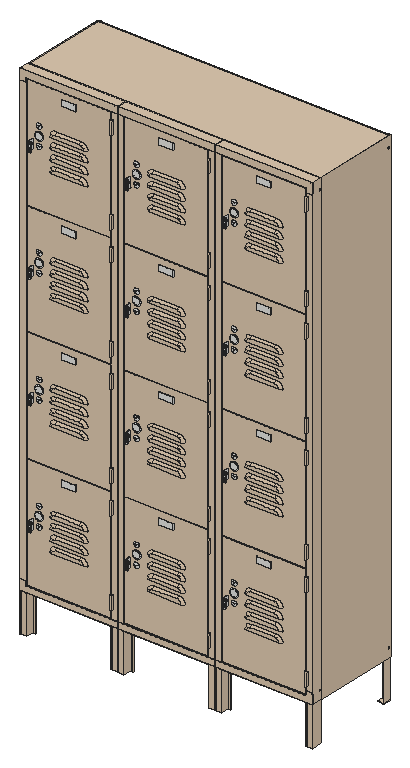
Revit family "Metal_Lockers-Salsbury_Industries-54000_Series-3_Wide_Units", category Specialty Equipment, Revit 2016 (continued)
Definition of nested family "Metal Locker Zee Base-Left Side"
  Parameters (values of type "77572 Left - 12" D")
    Type Comments = "Zee Base Kit for Standard Metal Lockers - No Legs"
    Model = "77572"
    MasterFormat Title = ""
    MasterFormat Number = ""
    Manufacturer = "Salsbury Industries"
    Description = "4\" H x 6' L - for 12\" Deep Lockers (Includes 6 Foot Front Base, 2 End Bases, Corner Splicer and 4 Rear Legs)"
    Width = 4.000"
    Height = 4.000"
    Assembly Code = ""
  Types (4): name | Visible | Depth | Type Comments | Model | Description
    77572 Left - 12" D | yes | 10.362" | "Zee Base Kit for Standard Metal Lockers - No Legs" | "77572" | "4\" H x 6' L - for 12\" Deep Lockers (Includes 6 Foot Front Base, 2 End Bases, Corner Splicer and 4 Rear Legs)"
    77575 Left - 15" D | yes | 13.362" | "Zee Base Kit for Standard Metal Lockers - No Legs" | "77575" | "4\" H x 6' L - for 12\" Deep Lockers (Includes 6 Foot Front Base, 2 End Bases, Corner Splicer and 4 Rear Legs)"
    77578 Left- 18" D | yes | 16.362" | "Zee Base Kit for Standard Metal Lockers - No Legs" | "77578" | "4\" H x 6' L - for 12\" Deep Lockers (Includes 6 Foot Front Base, 2 End Bases, Corner Splicer and 4 Rear Legs)"
    None | no | 10.362" | "End Base for Standard Metal Lockers" | "" | ""
  Reference planes (in)
    plane 1 "Center (Front/Back)": y = 0
    plane 2: z = 0
    plane 3 "Center (Left/Right)": x = 3.99
    plane 4 "Floor": z = 0
    plane 5 "Top of Enclosure": z = 4
    plane 6 "Right Side of Unit": x = 5.99
    plane 7 "Left Edge of Enclosure": y = -5.181
    plane 8 "Right Edge of Enclosure": y = 5.181
    plane 9 "Bottom Edge of Enclosure": z = 0.06
    plane 10 "Left Edge of Base": x = 1.99
    plane 11 "Right Edge of Inser": x = 3.21
  Forms (in)
    Extrusion 1, solid, material <- "Primary Structure Material", visible <- "Visible"
      sketch origin (7.98, 0, 0) x (0, -1, 0) y (1, 0, 0)
        loop
          line (-5.181, -1.99) -> (-5.181, -5.99) -> (5.181, -5.99) -> (5.181, -1.99) -> (5.121, -1.99) -> (5.121, -5.93) -> (-5.121, -5.93) -> (-5.121, -1.99) -> (-5.181, -1.99)
      from 0.06 to 4
    Extrusion 2, solid, material <- "Primary Structure Material", visible <- "Visible"
      sketch origin (1.99, 0, 0) x (0, 0, -1) y (0, 1, 0)
        loop
          line (-4, -3.93967) -> (-3.94, -3.93967) -> (-3.94, 3.931) -> (-4, 3.931) -> (-4, -3.93967)
      from 0.06 to 1.22
  Dimensions and locks (in)
    "Height": plane 5 "Top of Enclosure" to plane 4 "Floor"
    equal spacing: plane 7 "Left Edge of Enclosure", plane 1 "Center (Front/Back)", plane 8 "Right Edge of Enclosure"
    "Depth": plane 7 "Left Edge of Enclosure" to plane 8 "Right Edge of Enclosure"
    "Width": plane 10 "Left Edge of Base" to plane 6 "Right Side of Unit"
    equal spacing: plane 10 "Left Edge of Base", plane 3 "Center (Left/Right)", plane 6 "Right Side of Unit"
    locked: plane 4 "Floor" to plane 9 "Bottom Edge of Enclosure" at 0.06
    aligned and locked: level to plane 2
    aligned and locked: plane 10 "Left Edge of Base" to Extrusion 1
  Automatic sketch dimensions
    plane 8 "Right Edge of Enclosure" to Extrusion 1 sketch curve = 0.000"
    Extrusion 1 sketch curve to plane 6 "Right Side of Unit" = 0.000"  (x2)
    plane 7 "Left Edge of Enclosure" to Extrusion 1 sketch curve = 0.000"
    Extrusion 1 sketch curve to plane 10 "Left Edge of Base" = 0.000"
    Extrusion 1 sketch curve to Extrusion 1 sketch curve = 0.060"
    plane 7 "Left Edge of Enclosure" to Extrusion 1 sketch curve = 0.060"
    plane 10 "Left Edge of Base" to Extrusion 1 sketch curve = 0.060"
    plane 5 "Top of Enclosure" to Extrusion 2 sketch curve = 0.000"
    Extrusion 2 sketch curve to Extrusion 2 sketch curve = 0.060"
    Extrusion 2 sketch curve to plane 7 "Left Edge of Enclosure" = 1.24133"
    plane 8 "Right Edge of Enclosure" to Extrusion 2 sketch curve = 1.250"
Definition of nested family "Metal Locker Zee Base Corner"
  Parameters (values of type "77572, 77575, 77578")
    Width = 2.000"
    Visible = yes
    Version = "1.0 (11/30/15)"
    Type Comments = "Zee Base Kit for Standard Metal Lockers - No Legs"
    Primary Structure Material = none
    Model = "n/a"
    Manufacturer = "Salsbury Industries"
    Height = 3.940"
    Description = "4\" H x 6' L - for 12\" Deep Lockers (Includes 6 Foot Front Base, 2 End Bases, Corner Splicer and 4 Rear Legs)"
    Depth = 2.000"
  Types (2): name | Visible
    77572, 77575, 77578 | yes
    None | no
  Reference planes (in)
    plane 1 "Center (Front/Back)": y = 0
    plane 2 "Bottom of Component": z = 0
    plane 3 "Center (Left/Right)": x = 0
    plane 4: z = 3.94
    plane 5: x = -1
    plane 6: x = 1
    plane 7 "Front": y = -1
    plane 8 "Back": y = 1
  Forms (in)
    Extrusion 1, solid, material <- "Primary Structure Material", visible <- "Visible"
      sketch origin (0, 0, 0) x (1, 0, 0) y (0, 1, 0)
        loop
          line (-1, 1) -> (-1, 0.94) -> (0.94, 0.94) -> (0.94, -1) -> (1, -1) -> (1, 1) -> (-1, 1)
      from 0 to 3.94
  Dimensions and locks (in)
    "Height": plane 4 to plane 2 "Bottom of Component"
    equal spacing: plane 5, plane 3 "Center (Left/Right)", plane 6
    "Width": plane 5 to plane 6
    equal spacing: plane 7 "Front", plane 1 "Center (Front/Back)", plane 8 "Back"
    "Depth": plane 7 "Front" to plane 8 "Back"
    aligned and locked: plane 2 "Bottom of Component" to level
  Automatic sketch dimensions
    Extrusion 1 sketch curve to plane 5 = 0.000"
    plane 7 "Front" to Extrusion 1 sketch curve = 0.000"
    Extrusion 1 sketch curve to plane 6 = 0.000"
    plane 8 "Back" to Extrusion 1 sketch curve = 0.000"
    plane 6 to Extrusion 1 sketch curve = 0.060"
    Extrusion 1 sketch curve to Extrusion 1 sketch curve = 0.060"
Definition of nested family "Metal Locker End Panel"
  Parameters (values of type "77362 - for 6' H x 12" D Lockers")
    Width = 0.925"
    Visible = yes
    Version = "1.0 (11/30/15)"
    Type Comments = "Finished End Panel for Standard Metal Lockers"
    Primary Structure Material = none
    Model = "77362"
    MasterFormat Title = ""
    MasterFormat Number = ""
    Manufacturer = "Salsbury Industries"
    Height = 72.000"
    Description = "End Panel for 6' H x 12\" Deep Lockers"
    Depth = 12.010"
    Assembly Code = ""
  Types (7): name | Visible | Model | Height | Description | Depth
    77362 - for 6' H x 12" D Lockers | yes | "77362" | 72.000" | "End Panel for 6' H x 12\" Deep Lockers" | 12.010"
    77365 - for 6' H x 15" D Lockers | yes | "77365" | 72.000" | "End Panel for 6' H x 15\" Deep Lockers" | 15.010"
    77368 - for 6' H X 18" D Lockers | yes | "77368" | 72.000" | "End Panel for 6' H x 18\" Deep Lockers" | 18.010"
    77352 - for 5' H x 12" D Lockers | yes | "77352" | 60.000" | "End Panel for 5' H x 12\" Deep Lockers" | 12.010"
    77355 - for 5' H x 15" D Lockers | yes | "77355" | 60.000" | "End Panel for 5' H x 15\" Deep Lockers" | 15.010"
    77358 - for 5' H x 18" D Lockers | yes | "77358" | 60.000" | "End Panel for 5' H x 18\" Deep Lockers" | 18.010"
    None | no | "n/a" | 72.000" | "" | 12.010"
  Reference planes (in)
    plane 1 "Center (Front/Back)": y = -2.167
    plane 2: z = 0
    plane 3 "Center (Left/Right)": x = -4.595
    plane 4 "Bottom of Panel": z = 0
    plane 5 "Top of Panel": z = 72
    plane 6 "Front of Panel": y = -8.172
    plane 7 "Right Side of Enclosure": x = -4.1325
    plane 8 "Left Side of Enclosure": x = -5.0575
    plane 9 "Back of Panel": y = 3.838
    plane 10: z = 36
    plane 11: z = 70.283
    plane 12: z = 1.717
    plane 13 "Outside Edge of Front Flap": y = -8.23214
    plane 14 "Outside Edge of Back Flap": y = 3.898
  Forms (in)
    Extrusion 1, solid, material <- "Primary Structure Material", visible <- "Visible"
      sketch origin (-4.1325, 0.48244, 0) x (0, 0, -1) y (0, -1, 0)
        loop
          line (-72, 8.71458) -> (-72, -3.41556) -> (0, -3.41556) -> (0, 8.71458) -> (-72, 8.71458)
      from 0 to -0.06
    Extrusion 2, solid, material <- "Primary Structure Material", visible <- "Visible"
      sketch origin (0, 3.838, 0) x (0, 0, -1) y (1, 0, 0)
        loop
          line (-72, -5.0575) -> (0, -5.0575) -> (0, -4.1325) -> (-72, -4.1325) -> (-72, -5.0575)
      from 0 to -0.06
    Extrusion 3, solid, material <- "Primary Structure Material", visible <- "Visible"
      sketch origin (0, -8.172, 0) x (1, 0, 0) y (0, 0, 1)
        loop
          line (-5.0575, 70.283) -> (-5.0575, 1.717) -> (-4.1325, 1.717) -> (-4.1325, 70.283) -> (-5.0575, 70.283)
      from 0.06014 to 0
  Dimensions and locks (in)
    equal spacing: plane 6 "Front of Panel", plane 1 "Center (Front/Back)", plane 9 "Back of Panel"
    "Depth": plane 6 "Front of Panel" to plane 9 "Back of Panel"
    equal spacing: plane 8 "Left Side of Enclosure", plane 3 "Center (Left/Right)", plane 7 "Right Side of Enclosure"
    "Width": plane 8 "Left Side of Enclosure" to plane 7 "Right Side of Enclosure"
    equal spacing: plane 5 "Top of Panel", plane 10, plane 2
    "Height": plane 5 "Top of Panel" to plane 2
    locked: plane 5 "Top of Panel" to plane 11 at 1.717
    locked: plane 13 "Outside Edge of Front Flap" to plane 6 "Front of Panel" at 0.06014
    locked: plane 9 "Back of Panel" to plane 14 "Outside Edge of Back Flap" at 0.06
    aligned and locked: level to plane 2
    aligned and locked: plane 5 "Top of Panel" to Extrusion 1 sketch curve
    aligned and locked: plane 5 "Top of Panel" to Extrusion 2 sketch curve
    aligned and locked: Extrusion 2 to plane 9 "Back of Panel"
    aligned and locked: plane 11 to Extrusion 3 sketch curve
    aligned and locked: plane 6 "Front of Panel" to Extrusion 3
    aligned and locked: plane 14 "Outside Edge of Back Flap" to Extrusion 2
    aligned and locked: Extrusion 1 to plane 14 "Outside Edge of Back Flap"
    aligned and locked: plane 13 "Outside Edge of Front Flap" to Extrusion 3
    aligned and locked: Extrusion 2 to plane 7 "Right Side of Enclosure"
    aligned and locked: Extrusion 3 to plane 7 "Right Side of Enclosure"
  Automatic sketch dimensions
    Extrusion 1 sketch curve to level = 0.000"
    Extrusion 2 sketch curve to level = 0.000"
    plane 8 "Left Side of Enclosure" to Extrusion 2 sketch curve = 0.000"
    plane 7 "Right Side of Enclosure" to Extrusion 2 sketch curve = 0.000"
    plane 8 "Left Side of Enclosure" to Extrusion 3 sketch curve = 0.000"
    Extrusion 3 sketch curve to plane 12 = 0.000"
    plane 7 "Right Side of Enclosure" to Extrusion 3 sketch curve = 0.000"
    Extrusion 1 sketch curve to plane 14 "Outside Edge of Back Flap" = 0.000"
    plane 6 "Front of Panel" to Extrusion 1 sketch curve = 0.06014"
Definition of nested family "Metal Locker Front Filler"
  Parameters (values of type "77869 - for 6' H Lockers (Zee Base or No Legs)")
    Width = 9.000"
    Visible = yes
    Version = "1.0 (11/30/15)"
    Type Comments = "Vertical Front Filler for Standard Metal Lockers"
    Primary Structure Material = none
    Model = "77865"
    MasterFormat Title = ""
    MasterFormat Number = ""
    Manufacturer = "Salsbury Industries"
    Height = 72.000"
    Description = "9\" W Vertical Front Filler for 6' H Lockers"
    Depth = 1.500"
    Assembly Code = ""
  Types (9): name | Width | Visible | Model | Height | Description | Depth
    77865 - for 6' H Lockers with Legs | 15.000" | yes | "77865" | 78.000" | "15\" W Vertical Front Filler for 6' H Lockers" | 1.000"
    77869 - for 6' H Lockers with Legs | 9.000" | yes | "77865" | 78.000" | "9\" W Vertical Front Filler for 6' H Lockers" | 1.000"
    77855 - for 5' H Lockers with Legs | 15.000" | yes | "77855" | 66.000" | "15\" W Vertical Front Filler for 5' H Lockers" | 1.000"
    77859 - for 5' H Lockers with Legs | 9.000" | yes | "77859" | 66.000" | "9\" W Vertical Front Filler for 5' H Lockers" | 1.000"
    None | 15.000" | no | "n/a" | 78.000" | "" | 1.500"
    77865 - for 6' H Lockers (Zee Base or No Legs) | 15.000" | yes | "77865" | 72.000" | "15\" W Vertical Front Filler for 6' H Lockers" | 1.000"
    77869 - for 6' H Lockers (Zee Base or No Legs) | 9.000" | yes | "77865" | 72.000" | "9\" W Vertical Front Filler for 6' H Lockers" | 1.500"
    77859 - for 5' H Lockers (Zee Base or No Legs) | 9.000" | yes | "77859" | 60.000" | "9\" W Vertical Front Filler for 5' H Lockers" | 1.000"
    77855 - for 5' H Lockers (Zee Base or No Legs) | 15.000" | yes | "77855" | 60.000" | "15\" W Vertical Front Filler for 5' H Lockers" | 1.000"
  Reference planes (in)
    plane 1 "Center (Front/Back)": y = -2.167
    plane 2: z = 0
    plane 3 "Center (Left/Right)": x = -4.595
    plane 4 "Bottom of Filler": z = 0
    plane 5 "Top of Panel": z = 72
    plane 6 "Front of Filler": y = -2.917
    plane 7 "Right Side of Filler": x = -0.095
    plane 8 "Left Side of Filler": x = -9.095
    plane 9 "Back of Filler": y = -1.417
    plane 10: z = 36
  Forms (in)
    Extrusion 1, solid, material <- "Primary Structure Material", visible <- "Visible"
      sketch origin (0, 0, 0) x (0, -1, 0) y (1, 0, 0)
        loop
          line (1.417, -9.095) -> (2.917, -9.095) -> (2.917, -1.095) -> (2.869, -1.095) -> (2.869, -9.047) -> (1.417, -9.047) -> (1.417, -9.095)
      from 0 to 72
    Extrusion 2, solid, material <- "Primary Structure Material", visible <- "Visible"
      sketch origin (0, -0.20425, 0) x (0, -1, 0) y (1, 0, 0)
        loop
          line (1.30875, -0.095) -> (1.30875, -0.143) -> (2.76075, -0.143) -> (2.76075, -1.595) -> (2.80875, -1.595) -> (2.80875, -0.095) -> (1.30875, -0.095)
      from 0 to 72
    Extrusion 3, solid, material <- "Primary Structure Material", visible <- "Visible"
      sketch origin (0, 0.10825, 0) x (0, -1, 0) y (1, 0, 0)
        loop
          line (3.07325, -1.595) -> (3.07325, -0.82524) -> (3.02525, -0.82524) -> (3.02525, -1.376) -> (3.02525, -1.449) -> (3.02525, -1.522) -> (3.02525, -1.595) -> (3.07325, -1.595)
      from 0 to 72
    Extrusion 4, solid, material <- "Primary Structure Material", visible <- "Visible"
      sketch origin (0, 0, 0) x (0, -1, 0) y (1, 0, 0)
        loop
          line (2.917, -0.82524) -> (2.821, -0.82524) -> (2.821, -1.80024) -> (2.869, -1.80024) -> (2.869, -0.87324) -> (2.917, -0.87324) -> (2.917, -0.82524)
      from 0 to 72
  Dimensions and locks (in)
    equal spacing: plane 6 "Front of Filler", plane 1 "Center (Front/Back)", plane 9 "Back of Filler"
    "Depth": plane 6 "Front of Filler" to plane 9 "Back of Filler"
    equal spacing: plane 8 "Left Side of Filler", plane 3 "Center (Left/Right)", plane 7 "Right Side of Filler"
    "Width": plane 8 "Left Side of Filler" to plane 7 "Right Side of Filler"
    equal spacing: plane 5 "Top of Panel", plane 10, plane 2
    "Height": plane 5 "Top of Panel" to plane 2
    aligned and locked: level to plane 2
    aligned and locked: Extrusion 1 to plane 5 "Top of Panel"
    aligned and locked: Extrusion 2 to plane 5 "Top of Panel"
    aligned and locked: Extrusion 3 to plane 5 "Top of Panel"
    aligned and locked: Extrusion 4 to plane 5 "Top of Panel"
  Automatic sketch dimensions
    plane 9 "Back of Filler" to Extrusion 1 sketch curve = 0.000"
    plane 6 "Front of Filler" to Extrusion 1 sketch curve = 0.000"
    Extrusion 1 sketch curve to plane 8 "Left Side of Filler" = 0.000"
    Extrusion 1 sketch curve to plane 6 "Front of Filler" = 0.048"
    Extrusion 1 sketch curve to Extrusion 1 sketch curve = 0.048"
    plane 7 "Right Side of Filler" to Extrusion 1 sketch curve = 1.000"
    Extrusion 2 sketch curve to plane 7 "Right Side of Filler" = 0.000"
    plane 7 "Right Side of Filler" to Extrusion 2 sketch curve = 0.048"
    plane 9 "Back of Filler" to Extrusion 2 sketch curve = 0.096"
    plane 6 "Front of Filler" to Extrusion 2 sketch curve = 0.048"
    Extrusion 2 sketch curve to Extrusion 2 sketch curve = 0.048"
    Extrusion 2 sketch curve to Extrusion 2 sketch curve = 1.452"
    plane 6 "Front of Filler" to Extrusion 3 sketch curve = 0.000"
    plane 7 "Right Side of Filler" to Extrusion 3 sketch curve = 1.500"
    Extrusion 3 sketch curve to Extrusion 3 sketch curve = 0.073"  (x3)
    Extrusion 3 sketch curve to Extrusion 3 sketch curve = 0.55076"
    Extrusion 3 sketch curve to Extrusion 3 sketch curve = 0.048"
    plane 6 "Front of Filler" to Extrusion 4 sketch curve = 0.000"
    Extrusion 4 sketch curve to plane 6 "Front of Filler" = 0.048"
    Extrusion 4 sketch curve to Extrusion 4 sketch curve = 0.048"  (x2)
    plane 7 "Right Side of Filler" to Extrusion 4 sketch curve = 1.70524"
    plane 7 "Right Side of Filler" to Extrusion 4 sketch curve = 0.77824"
Definition of nested family "Metal Locker Flat Top Filler"
  Parameters (values of type "77842 - for 12" Deep Lockers (15" W)")
    Width = 16.250"
    Visible = yes
    Version = "1.0 (11/30/15)"
    Type Comments = "Flat Top Filler for Standard Metal Lockers"
    Primary Structure Material = none
    Model = "77842"
    MasterFormat Title = ""
    MasterFormat Number = ""
    Manufacturer = "Salsbury Industries"
    Height = 1.003"
    Description = "15\"W Flat Top In-Line Filler"
    Depth = 12.118"
    Assembly Code = ""
  Types (7): name | Width | Visible | Model | Depth
    77842 - for 12" Deep Lockers (15" W) | 16.250" | yes | "77842" | 12.118"
    77842 - for 12" Deep Lockers (9" W) | 10.250" | yes | "77842" | 12.118"
    77845 - for 15" Deep Lockers (15" W) | 16.250" | yes | "77845" | 15.118"
    77845 - for 15" Deep Lockers (9" W) | 10.250" | yes | "77845" | 15.118"
    77848 - for 18" Deep Lockers (15" W) | 16.250" | yes | "77848" | 18.118"
    77848 - for 18" Deep Lockers (9" W) | 10.250" | yes | "77848" | 18.118"
    None | 16.250" | no | "" | 12.118"
  Reference planes (in)
    plane 1 "Center (Front/Back)": y = -2.167
    plane 2: z = 0
    plane 3 "Center (Left/Right)": x = -4.595
    plane 4 "Bottom of Panel": z = 0
    plane 5 "Top of Panel": z = 1.003
    plane 6 "Front of Panel": y = -8.226
    plane 7 "Right Side of Enclosure": x = 3.53
    plane 8 "Left Side of Enclosure": x = -12.72
    plane 9 "Back of Panel": y = 3.892
    plane 10: z = 0.5015
  Forms (in)
    Extrusion 1, solid, material <- "Primary Structure Material", visible <- "Visible"
      sketch origin (-4.595, 0, 0) x (0, 1, 0) y (0, 0, 1)
        loop
          line (-8.226, 0) -> (-8.178, 0) -> (-8.178, 0.955) -> (3.892, 0.955) -> (3.892, 1.003) -> (-8.226, 1.003) -> (-8.226, 0)
      from -8.125 to 8.125
  Dimensions and locks (in)
    equal spacing: plane 6 "Front of Panel", plane 1 "Center (Front/Back)", plane 9 "Back of Panel"
    "Depth": plane 6 "Front of Panel" to plane 9 "Back of Panel"
    equal spacing: plane 8 "Left Side of Enclosure", plane 3 "Center (Left/Right)", plane 7 "Right Side of Enclosure"
    "Width": plane 8 "Left Side of Enclosure" to plane 7 "Right Side of Enclosure"
    equal spacing: plane 5 "Top of Panel", plane 10, plane 2
    "Height": plane 5 "Top of Panel" to plane 2
    aligned and locked: level to plane 2
    aligned and locked: Extrusion 1 to plane 7 "Right Side of Enclosure"
    aligned and locked: plane 8 "Left Side of Enclosure" to Extrusion 1
    aligned and locked: plane 6 "Front of Panel" to Extrusion 1
    aligned and locked: Extrusion 1 to plane 9 "Back of Panel"
  Automatic sketch dimensions
    plane 5 "Top of Panel" to Extrusion 1 sketch curve = 0.000"
    Extrusion 1 sketch curve to plane 6 "Front of Panel" = 0.000"
    Extrusion 1 sketch curve to level = 0.000"
    Extrusion 1 sketch curve to plane 9 "Back of Panel" = 0.000"
    Extrusion 1 sketch curve to plane 6 "Front of Panel" = 0.048"
    plane 5 "Top of Panel" to Extrusion 1 sketch curve = 0.048"
Definition of nested family "Metal Locker Flat Corner Filler"
  Parameters (values of type "77832 - for 12" Deep Lockers")
    Width = 12.625"
    Visible = yes
    Version = "1.0 (11/30/15)"
    Type Comments = "Flat Top Corner Filler for Standard Metal Lockers"
    Primary Structure Material = none
    Model = "77832"
    MasterFormat Title = ""
    MasterFormat Number = ""
    Manufacturer = "Salsbury Industries"
    Height = 0.048"
    Description = "12\"W Flat Top Corner Filler"
    Depth = 12.625"
    Assembly Code = ""
  Types (4): name | Width | Visible | Model | Description | Depth
    77832 - for 12" Deep Lockers | 12.625" | yes | "77832" | "12\"W Flat Top Corner Filler" | 12.625"
    77835 - for 15" Deep Lockers | 15.625" | yes | "77835" | "15\"W Flat Top Corner Filler" | 15.625"
    77838 - for 18" Deep Lockers | 18.625" | yes | "77838" | "18\"W Flat Top Corner Filler" | 18.625"
    None | 12.625" | no | "" | "" | 12.625"
  Reference planes (in)
    plane 1 "Center (Front/Back)": y = -2.167
    plane 2: z = 0
    plane 3 "Center (Left/Right)": x = -4.595
    plane 4 "Bottom of Panel": z = 0
    plane 5 "Top of Panel": z = 0.048
    plane 6 "Front of Panel": y = -8.4795
    plane 7 "Right Side of Enclosure": x = 1.7175
    plane 8 "Left Side of Enclosure": x = -10.9075
    plane 9 "Back of Panel": y = 4.1455
    plane 10: z = 0.024
  Forms (in)
    Extrusion 1, solid, material <- "Primary Structure Material", visible <- "Visible"
      sketch origin (0, 0, 0) x (0, -1, 0) y (1, 0, 0)
        loop
          line (7.8545, -10.9075) -> (7.8545, -10.2825) -> (8.4795, -10.2825) -> (8.4795, 1.7175) -> (-4.1455, 1.7175) -> (-4.1455, -10.9075) -> (7.8545, -10.9075)
      from 0 to 0.048
  Dimensions and locks (in)
    equal spacing: plane 6 "Front of Panel", plane 1 "Center (Front/Back)", plane 9 "Back of Panel"
    "Depth": plane 6 "Front of Panel" to plane 9 "Back of Panel"
    equal spacing: plane 8 "Left Side of Enclosure", plane 3 "Center (Left/Right)", plane 7 "Right Side of Enclosure"
    "Width": plane 8 "Left Side of Enclosure" to plane 7 "Right Side of Enclosure"
    equal spacing: plane 5 "Top of Panel", plane 10, plane 2
    "Height": plane 5 "Top of Panel" to plane 2
    aligned and locked: level to plane 2
    aligned and locked: Extrusion 1 to plane 9 "Back of Panel"
    aligned and locked: plane 6 "Front of Panel" to Extrusion 1
    aligned and locked: Extrusion 1 to plane 7 "Right Side of Enclosure"
    aligned and locked: plane 8 "Left Side of Enclosure" to Extrusion 1
  Automatic sketch dimensions
    Extrusion 1 sketch curve to plane 8 "Left Side of Enclosure" = 0.000"
    plane 9 "Back of Panel" to Extrusion 1 sketch curve = 0.000"
    plane 6 "Front of Panel" to Extrusion 1 sketch curve = 0.000"
    Extrusion 1 sketch curve to plane 7 "Right Side of Enclosure" = 0.000"
    Extrusion 1 sketch curve to plane 8 "Left Side of Enclosure" = 0.625"
    Extrusion 1 sketch curve to plane 6 "Front of Panel" = 0.625"
Definition of nested family "Metal Locker Sloping Top Filler"
  Parameters (values of type "77882 - for 12" Deep Lockers (15" W)")
    Width = 16.250"
    Visible = yes
    Version = "1.0 (11/30/15)"
    Type Comments = "Sloping Hood In-Line Filler for Standard Metal Lockers"
    Slope Angle = 28.761°
    Primary Structure Material = none
    Model = "77882"
    MasterFormat Title = ""
    MasterFormat Number = ""
    Manufacturer = "Salsbury Industries"
    Height = 1.003"
    Description = "15\"W Sloping Hood In-Line Filler"
    Depth = 12.118"
    Assembly Code = ""
  Types (7): name | Width | Visible | Type Comments | Slope Angle | Model | Description | Depth
    77882 - for 12" Deep Lockers (15" W) | 16.250" | yes | "Sloping Hood In-Line Filler for Standard Metal Lockers" | 28.761° | "77882" | "15\"W Sloping Hood In-Line Filler" | 12.118"
    77882 - for 12" Deep Lockers (9" W) | 10.250" | yes | "Sloping Hood In-Line Filler for Standard Metal Lockers" | 28.761° | "77882" | "15\"W Sloping Hood In-Line Filler" | 12.118"
    77885 - for 15" Deep Lockers (15" W) | 16.250" | yes | "Sloping Hood In-Line Filler for Standard Metal Lockers" | 29.946° | "77885" | "15\"W Sloping Hood In-Line Filler" | 15.118"
    77885 - for 15" Deep Lockers (9" W) | 10.250" | yes | "Sloping Hood In-Line Filler for Standard Metal Lockers" | 29.946° | "77885" | "15\"W Sloping Hood In-Line Filler" | 15.118"
    77888 - for 18" Deep Lockers (15" W) | 16.250" | yes | "Sloping Hood In-Line Filler for Standard Metal Lockers" | 30.723° | "77888" | "15\"W Sloping Hood In-Line Filler" | 18.118"
    77888 - for 18" Deep Lockers (9" W) | 10.250" | yes | "Sloping Hood In-Line Filler for Standard Metal Lockers" | 30.723° | "77888" | "15\"W Sloping Hood In-Line Filler" | 18.118"
    None | 16.250" | no | "Sloping Hood for Standard Metal Lockers" | 28.761° | "" | "" | 12.118"
  Reference planes (in)
    plane 1 "Center (Front/Back)": y = -2.167
    plane 2: z = 0
    plane 3 "Center (Left/Right)": x = -4.595
    plane 4 "Bottom of Panel": z = 0
    plane 5 "Top of Panel": z = 1.003
    plane 6 "Front of Panel": y = -8.226
    plane 7 "Right Side of Enclosure": x = 3.53
    plane 8 "Left Side of Enclosure": x = -12.72
    plane 9 "Back of Panel": y = 3.892
    plane 10: z = 0.5015
    plane 11: through (0, -7.6072, 0.33964) normal (0, -0.4812, 0.8766)
    plane 12: through (0, -7.72698, 0.21914) normal (0, -0.4812, 0.8766)
  Forms (in)
    Extrusion 1, solid, material <- "Primary Structure Material", visible <- "Visible"
      sketch origin (-4.595, 0, 0) x (0, 1, 0) y (0, 0, 1)
        loop
          line (3.892, 6.65119) -> (-8.226, 0) -> (-8.226, -1.028) -> (-8.178, -1.028) -> (-8.178, -0.02841) -> (3.892, 6.59643) -> (3.892, 6.65119)
      from -8.125 to 8.125
  Dimensions and locks (in)
    equal spacing: plane 6 "Front of Panel", plane 1 "Center (Front/Back)", plane 9 "Back of Panel"
    "Depth": plane 6 "Front of Panel" to plane 9 "Back of Panel"
    equal spacing: plane 8 "Left Side of Enclosure", plane 3 "Center (Left/Right)", plane 7 "Right Side of Enclosure"
    "Width": plane 8 "Left Side of Enclosure" to plane 7 "Right Side of Enclosure"
    equal spacing: plane 5 "Top of Panel", plane 10, plane 2
    "Height": plane 5 "Top of Panel" to plane 2
    locked: plane 11 to plane 12 at 0.048
    "Slope Angle": angle plane 4 "Bottom of Panel" to plane 11
    aligned and locked: level to plane 2
    aligned and locked: plane 11 to Extrusion 1 sketch curve
    aligned and locked: plane 12 to Extrusion 1 sketch curve
    aligned and locked: Extrusion 1 to plane 7 "Right Side of Enclosure"
    aligned and locked: plane 8 "Left Side of Enclosure" to Extrusion 1
  Automatic sketch dimensions
    Extrusion 1 sketch curve to plane 6 "Front of Panel" = 0.000"
    Extrusion 1 sketch curve to Extrusion 1 sketch curve = 0.99959"
    Extrusion 1 sketch curve to level = 0.02841"
    Extrusion 1 sketch curve to plane 9 "Back of Panel" = 0.000"
Definition of nested family "Metal Locker Sloping Corner Filler"
  Parameters (values of type "77872 - for 12" Deep Lockers")
    Width = 12.695"
    Visible = yes
    Version = "1.0 (11/30/15)"
    Type Comments = "Sloping Hood Corner Filler for Standard Metal Lockers"
    Slope Angle 2 = 28.761°
    Slope Angle 1 = 28.761°
    Primary Structure Material = none
    Model = "77872"
    MasterFormat Title = ""
    MasterFormat Number = ""
    Manufacturer = "Salsbury Industries"
    Height = 6.87897"
    Description = "12\"D Sloping Hood Corner Filler"
    Depth = 12.695"
    Assembly Code = ""
  Types (4): name | Width | Visible | Slope Angle 2 | Slope Angle 1 | Model | Description | Depth
    77872 - for 12" Deep Lockers | 12.695" | yes | 28.761° | 28.761° | "77872" | "12\"D Sloping Hood Corner Filler" | 12.695"
    77875 - for 15" Deep Lockers | 15.695" | yes | 29.946° | 29.946° | "77875" | "15\"D Sloping Hood Corner Filler" | 15.695"
    77878 - for 18" Deep Lockers | 18.695" | yes | 30.723° | 30.723° | "77878" | "18\"D Sloping Hood Corner Filler" | 18.695"
    None | 12.695" | no | 28.723° | 28.723° | "" | "" | 12.695"
  Reference planes (in)
    plane 1 "Center (Front/Back)": y = -2.167
    plane 2: z = 0
    plane 3 "Center (Left/Right)": x = -4.595
    plane 4 "Bottom of Panel": z = 0
    plane 5 "Top of Panel": z = 6.87897
    plane 6 "Front of Panel": y = -8.5145
    plane 7 "Right Side of Enclosure": x = 1.7525
    plane 8 "Left Side of Enclosure": x = -10.9425
    plane 9 "Back of Panel": y = 4.1805
    plane 10 "Center Top/Bottom": z = 3.43948
    plane 11 "Slope 1": through (0, -7.42276, 0.59922) normal (0, -0.4812, 0.8766)
    plane 12: through (0, -7.54254, 0.47872) normal (0, -0.4812, 0.8766)
    plane 13 "Diagonal Plane": through (-10.86131, 4.09969, 48) normal (0.7071, 0.7071, 0)
    plane 14 "Cutout Plane 1": y = -7.8895
    plane 15 "Cutout Plane 2": x = 1.1275
    plane 16 "Slope 2": through (1.43902, -180, 0.17206) normal (-0.4812, 0, -0.8766)
    plane 17: through (5.04554, -180, -1.86199) normal (-0.4812, 0, -0.8766)
  Forms (in)
    Extrusion 1, solid, material <- "Primary Structure Material", visible <- "Visible"
      sketch origin (-4.595, 0, 0) x (0, 1, 0) y (0, 0, 1)
        loop
          line (-7.8895, 0.28829) -> (4.1805, 6.91313) -> (4.1805, 6.96789) -> (-7.8895, 0.34304) -> (-7.8895, 0.28829)
      from -6.3475 to 6.3475
    Extrusion 2, void
      sketch origin (0, 0, 3.43948) x (1, 0, 0) y (0, 1, 0)
        loop
          line (1.75288, -8.5145) -> (-10.9425, 4.18088) -> (-10.9425, -8.5145) -> (1.75288, -8.5145)
      from -3.43948 to 8.2673
    Extrusion 3, solid, material <- "Primary Structure Material", visible <- "Visible"
      sketch origin (0, -2.167, 0) x (1, 0, 0) y (0, 0, 1)
        loop
          line (1.1275, 0.2885) -> (1.1275, 0.34304) -> (-10.9425, 6.96789) -> (-10.9425, 6.91334) -> (1.1275, 0.2885)
      from -6.3475 to 6.3475
    Extrusion 4, void
      sketch origin (-4.595, 0, 0) x (0, 1, 0) y (0, 0, 1)
        loop
          line (4.1805, 0) -> (4.1805, 6.91313) -> (-8.41474, 0) -> (4.1805, 0)
      from -6.3475 to 6.3475
    Extrusion 5, solid, not visible
      sketch origin (1.1275, 0, 0) x (0, -1, 0) y (0, 0, 1)
        loop
          line (8.60982, 0.2885) -> (7.8895, 0.2885) -> (7.8895, 0) -> (8.60982, 0) -> (8.60982, 0.2885)
      from -0.72026 to 0
  Cuts and joins
    Extrusion 2, Extrusion 4 cuts Extrusion 1
    Extrusion 4 cuts Extrusion 3
  Dimensions and locks (in)
    equal spacing: plane 6 "Front of Panel", plane 1 "Center (Front/Back)", plane 9 "Back of Panel"
    "Depth": plane 6 "Front of Panel" to plane 9 "Back of Panel"
    equal spacing: plane 8 "Left Side of Enclosure", plane 3 "Center (Left/Right)", plane 7 "Right Side of Enclosure"
    "Width": plane 8 "Left Side of Enclosure" to plane 7 "Right Side of Enclosure"
    equal spacing: plane 5 "Top of Panel", plane 10 "Center Top/Bottom", plane 2
    "Height": plane 5 "Top of Panel" to plane 2
    locked: plane 11 "Slope 1" to plane 12 at 0.048
    locked: plane 15 "Cutout Plane 2" to plane 7 "Right Side of Enclosure" at 0.625
    locked: plane 6 "Front of Panel" to plane 14 "Cutout Plane 1" at 0.625
    locked: plane 17 to plane 16 "Slope 2" at 0.04782
    "Slope Angle 1": angle plane 4 "Bottom of Panel" to plane 11 "Slope 1"
    "Slope Angle 2": angle plane 16 "Slope 2" to plane 4 "Bottom of Panel"
    aligned and locked: level to plane 2
    aligned and locked: Extrusion 1 sketch curve to plane 14 "Cutout Plane 1"
    aligned and locked: plane 9 "Back of Panel" to Extrusion 1 sketch curve
    aligned and locked: Extrusion 1 sketch curve to plane 11 "Slope 1"
    aligned and locked: plane 12 to Extrusion 1 sketch curve
    aligned and locked: plane 8 "Left Side of Enclosure" to Extrusion 1
    aligned and locked: Extrusion 1 to plane 7 "Right Side of Enclosure"
    aligned and locked: plane 6 "Front of Panel" to Extrusion 2 sketch curve
    aligned and locked: plane 8 "Left Side of Enclosure" to Extrusion 2 sketch curve
    aligned and locked: plane 13 "Diagonal Plane" to Extrusion 2 sketch curve
    aligned and locked: plane 4 "Bottom of Panel" to cut or joined group of Extrusion 1, Extrusion 2, Extrusion 4
    aligned and locked: Extrusion 4 sketch curve to level
    aligned and locked: Extrusion 4 sketch curve to plane 9 "Back of Panel"
    aligned and locked: plane 12 to Extrusion 4 sketch curve
    aligned and locked: Extrusion 4 to plane 7 "Right Side of Enclosure"
    aligned and locked: plane 8 "Left Side of Enclosure" to Extrusion 4
    aligned and locked: cut or joined group of Extrusion 3, Extrusion 4 to plane 15 "Cutout Plane 2"
    aligned and locked: plane 6 "Front of Panel" to cut or joined group of Extrusion 3, Extrusion 4
    aligned and locked: cut or joined group of Extrusion 3, Extrusion 4 to plane 9 "Back of Panel"
    aligned and locked: Extrusion 3 sketch curve to plane 15 "Cutout Plane 2"
    aligned and locked: Extrusion 3 sketch curve to plane 16 "Slope 2"
    aligned and locked: plane 8 "Left Side of Enclosure" to Extrusion 3 sketch curve
    aligned and locked: plane 17 to Extrusion 3 sketch curve
  Automatic sketch dimensions
    Extrusion 5 sketch curve to plane 14 "Cutout Plane 1" = 0.000"
    Extrusion 5 sketch curve to level = 0.000"
    plane 6 "Front of Panel" to Extrusion 5 sketch curve = 0.09532"
    Extrusion 5 sketch curve to Extrusion 5 sketch curve = 0.2885"
Definition of nested family "Metal Locker Sloping Hood"
  Parameters (values of type "77765 - for 15" Deep Lockers (3 Wide)")
    Width = 45.040"
    Visible = yes
    Version = "1.0 (11/30/15)"
    Type Comments = "Sloping Hood for Standard Metal Lockers"
    Slope Angle = 29.946°
    Primary Structure Material = none
    Model = "77752"
    MasterFormat Title = ""
    MasterFormat Number = ""
    Manufacturer = "Salsbury Industries"
    Height = 6.625"
    Dividing Lines = yes
    Description = "12\" Deep for up to (3) 12\" Wide Lockers"
    Depth = 15.070"
    Assembly Code = ""
  Types (12): name | Width | Visible | Slope Angle | Model | Height | Dividing Lines | Description | Depth
    77752 - for 12" Deep Lockers (1 Wide) | 12.040" | yes | 28.761° | "77752" | 6.625" | no | "12\" Deep for up to (3) 12\" Wide Lockers" | 12.070"
    77752 - for 12" Deep Lockers (3 Wide) | 36.040" | yes | 28.761° | "77752" | 6.625" | yes | "12\" Deep for up to (3) 12\" Wide Lockers" | 12.070"
    77755 - for 15" Deep Lockers (1 Wide) | 12.040" | yes | 29.946° | "77755" | 8.682" | no | "15\" Deep for up to (3) 12\" Wide Lockers" | 15.070"
    77755 - for 15" Deep Lockers (3 Wide) | 36.040" | yes | 29.946° | "77755" | 8.628" | yes | "15\" Deep for up to (3) 12\" Wide Lockers" | 15.070"
    77758 - for 18" Deep Lockers (1 Wide) | 12.040" | yes | 30.723° | "77758" | 10.739" | no | "18\" Deep for up to (3) 12\" Wide Lockers" | 18.070"
    77758 - for 18" Deep Lockers (3 Wide) | 36.040" | yes | 30.723° | "77758" | 10.739" | yes | "18\" Deep for up to (3) 12\" Wide Lockers" | 18.070"
    None | 12.000" | no | 28.761° | "" | 6.625" | no | "" | 12.070"
    77765 - for 15" Deep Lockers (1 Wide) | 15.040" | yes | 29.946° | "77752" | 6.625" | no | "12\" Deep for up to (3) 12\" Wide Lockers" | 15.070"
    77768 - for 18" Deep Lockers (1 Wide) | 15.040" | yes | 30.723° | "77752" | 6.625" | no | "12\" Deep for up to (3) 12\" Wide Lockers" | 18.070"
    77765 - for 15" Deep Lockers (3 Wide) | 45.040" | yes | 29.946° | "77752" | 6.625" | yes | "12\" Deep for up to (3) 12\" Wide Lockers" | 15.070"
    77768 - for 18" Deep Lockers (3 Wide) | 45.040" | yes | 30.723° | "77752" | 6.625" | yes | "12\" Deep for up to (3) 12\" Wide Lockers" | 18.070"
    77759 - for 18" Deep Bridge Lockers | 72.040" | yes | 30.723° | "77752" | 6.625" | no | "12\" Deep for up to (3) 12\" Wide Lockers" | 18.070"
  Reference planes (in)
    plane 1 "Center (Front/Back)": y = -2.167
    plane 2: z = 0
    plane 3 "Center (Left/Right)": x = -4.595
    plane 4 "Bottom of Panel": z = 0
    plane 5 "Top of Panel": z = 6.625
    plane 6 "Front of Panel": y = -9.702
    plane 7 "Right Side of Enclosure": x = 17.925
    plane 8 "Left Side of Enclosure": x = -27.115
    plane 9 "Back of Panel": y = 5.368
    plane 10: z = 3.3125
    plane 11: through (0, -8.18107, 0.8762) normal (0, -0.4992, 0.8665)
    plane 12: through (0, -8.30682, 0.76798) normal (0, -0.4992, 0.8665)
    plane 13: y = 5.337
    plane 14: y = 5.306
    plane 15: y = 5.275
    plane 16: y = 4.87433
    plane 17 "Divider 1": x = -12.10167
    plane 18 "Divider 2": x = 2.91167
  Forms (in)
    Extrusion 1, solid, material <- "Primary Structure Material", visible <- "Visible"
      sketch origin (17.925, 0, 0) x (0, 0, -1) y (0, -1, 0)
        loop
          line (-8.68174, -5.368) -> (0, -5.368) -> (0, 9.702) -> (-8.68174, -5.368)
      from 0 to 0.031
    Extrusion 2, solid, material <- "Primary Structure Material", visible <- "Visible"
      sketch origin (17.925, 0, 0) x (0, 0, -1) y (0, -1, 0)
        loop
          line (0, -5.368) -> (0, -5.337) -> (-8.66388, -5.337) -> (-8.68174, -5.368) -> (0, -5.368)
      from 0.03098 to 0.40598
    Extrusion 3, solid, material <- "Primary Structure Material", visible <- "Visible"
      sketch origin (17.925, 0, 0) x (0, 0, -1) y (0, -1, 0)
        loop
          line (0, -5.337) -> (0, 9.6399) -> (-0.031, 9.58609) -> (-0.031, -5.337) -> (0, -5.337)
      from 0.031 to 0.80198
    Extrusion 4, solid, material <- "Primary Structure Material", visible <- "Visible"
      sketch origin (-27.115, 0, 0) x (0, 0, -1) y (0, -1, 0)
        loop
          line (-8.68174, -5.368) -> (0, -5.368) -> (0, 9.702) -> (-8.68174, -5.368)
      from 0 to -0.031
    Extrusion 5, solid, material <- "Primary Structure Material", visible <- "Visible"
      sketch origin (-27.115, 0, 0) x (0, 0, -1) y (0, -1, 0)
        loop
          line (0, -5.368) -> (0, -5.337) -> (-8.66388, -5.337) -> (-8.68174, -5.368) -> (0, -5.368)
      from -0.031 to -0.406
    Extrusion 6, solid, material <- "Primary Structure Material", visible <- "Visible"
      sketch origin (-27.115, 0, 0) x (0, 0, -1) y (0, -1, 0)
        loop
          line (0, -5.337) -> (0, 9.6399) -> (-0.031, 9.58609) -> (-0.031, -5.337) -> (0, -5.337)
      from -0.031 to -0.802
    Extrusion 7, solid, material <- "Primary Structure Material", visible <- "Visible"
      sketch origin (-4.595, 0, 0) x (0, 1, 0) y (0, 0, 1)
        loop
          line (5.337, 8.66388) -> (-9.702, 0) -> (-9.34738, 0) -> (-9.34738, 0.031) -> (-9.58609, 0.031) -> (5.306, 8.61025) -> (5.306, 8.27289) -> (5.337, 8.27289) -> (5.337, 8.66388)
      from -22.489 to 22.489
    Extrusion 8, solid, material <- "Primary Structure Material", visible <- "Visible"
      sketch origin (-4.595, -0.031, 0) x (0, 1, 0) y (0, 0, 1)
        loop
          line (5.337, 0.031) -> (5.337, 8.61025) -> (5.306, 8.59239) -> (5.306, 0.031) -> (5.337, 0.031)
      from -22.489 to 22.489
    Extrusion 9, solid, material <- "Primary Structure Material", visible <- "Visible"
      sketch origin (0, -0.031, 0) x (0, -1, 0) y (1, 0, 0)
        loop
          line (-5.306, -26.25653) -> (-4.90533, -26.25653) -> (-4.90533, 17.06919) -> (-5.306, 17.06919) -> (-5.306, -26.25653)
      from 0.031 to 0.06464
  Lines and regions (in)
    model lines, visible <- "Dividing Lines"
      curve 1: line (-12.10167, -9.71397, -0.0069) -> (-12.10167, 5.368, 8.68174)
      curve 2: line (2.91167, -9.71397, -0.0069) -> (2.91167, 5.368, 8.68174)
  Dimensions and locks (in)
    equal spacing: plane 6 "Front of Panel", plane 1 "Center (Front/Back)", plane 9 "Back of Panel"
    "Depth": plane 6 "Front of Panel" to plane 9 "Back of Panel"
    equal spacing: plane 8 "Left Side of Enclosure", plane 17 "Divider 1", plane 18 "Divider 2", plane 7 "Right Side of Enclosure"
    "Width": plane 8 "Left Side of Enclosure" to plane 7 "Right Side of Enclosure"
    equal spacing: plane 5 "Top of Panel", plane 10, plane 2
    "Height": plane 5 "Top of Panel" to plane 2
    locked: plane 11 to plane 12 at 0.031
    plane 16 to plane 15 to plane 14 to plane 13 to plane 9 "Back of Panel" = 0.40067", 0.031", 0.031", 0.031"
    equal spacing: plane 8 "Left Side of Enclosure", plane 3 "Center (Left/Right)", plane 7 "Right Side of Enclosure"
    "Slope Angle": angle plane 4 "Bottom of Panel" to plane 11
    aligned and locked: level to plane 2
    aligned and locked: Extrusion 1 to plane 9 "Back of Panel"
    aligned and locked: plane 4 "Bottom of Panel" to Extrusion 1
    aligned and locked: Extrusion 7 to Extrusion 1
    aligned and locked: Extrusion 7 to Extrusion 4
    aligned and locked: Extrusion 7 to Extrusion 8  (x2)
    aligned and locked: plane 11 to Extrusion 7 sketch curve
    aligned and locked: plane 12 to Extrusion 7 sketch curve
    aligned and locked: plane 12 to Extrusion 8 sketch curve
    aligned and locked: Extrusion 4 sketch curve to plane 11
    aligned and locked: Extrusion 1 sketch curve to plane 11
    aligned and locked: Extrusion 3 sketch curve to plane 12
    aligned and locked: Extrusion 6 sketch curve to plane 12
    aligned and locked: plane 13 to Extrusion 7
    aligned and locked: plane 14 to Extrusion 8
    aligned and locked: plane 15 to Extrusion 8
    aligned and locked: plane 16 to Extrusion 9
    aligned and locked: plane 13 to Extrusion 7 sketch curve
    aligned and locked: Extrusion 7 sketch curve to plane 14
    aligned and locked: plane 13 to Extrusion 2 sketch curve
    aligned and locked: plane 11 to Extrusion 2 sketch curve
    aligned and locked: plane 13 to Extrusion 5 sketch curve
    aligned and locked: plane 11 to Extrusion 5 sketch curve
    aligned and locked: curve 2 to plane 18 "Divider 2"
    aligned and locked: curve 1 to plane 17 "Divider 1"
  Automatic sketch dimensions
    Extrusion 7 sketch curve to level = 0.000"
    level to Extrusion 7 sketch curve = 0.031"
    Extrusion 7 sketch curve to Extrusion 7 sketch curve = 0.23871"
    Extrusion 7 sketch curve to Extrusion 7 sketch curve = 0.33736"
    Extrusion 1 sketch curve to plane 9 "Back of Panel" = 0.000"
    Extrusion 1 sketch curve to level = 0.000"
    Extrusion 2 sketch curve to plane 9 "Back of Panel" = 0.000"
    Extrusion 2 sketch curve to level = 0.000"
    Extrusion 3 sketch curve to plane 13 = 0.000"
    Extrusion 3 sketch curve to level = 0.000"
    level to Extrusion 3 sketch curve = 0.031"
    Extrusion 4 sketch curve to plane 9 "Back of Panel" = 0.000"
    Extrusion 4 sketch curve to level = 0.000"
    Extrusion 5 sketch curve to plane 9 "Back of Panel" = 0.000"
    Extrusion 5 sketch curve to level = 0.000"
    Extrusion 6 sketch curve to plane 13 = 0.000"
    Extrusion 6 sketch curve to level = 0.000"
    Extrusion 6 sketch curve to Extrusion 6 sketch curve = 0.031"
    Extrusion 8 sketch curve to plane 15 = 0.000"
    Extrusion 8 sketch curve to plane 14 = 0.000"
    level to Extrusion 8 sketch curve = 0.031"
    plane 15 to Extrusion 9 sketch curve = 0.000"
    plane 16 to Extrusion 9 sketch curve = 0.000"
    Extrusion 9 sketch curve to plane 8 "Left Side of Enclosure" = 0.85847"
    plane 7 "Right Side of Enclosure" to Extrusion 9 sketch curve = 0.85581"
    curve 1 to plane 9 "Back of Panel" = 0.000"
    plane 11 to curve 1 = 0.000"
    curve 1 to plane 11 = 0.000"
    curve 1 to level = 0.0069"
    curve 2 to plane 9 "Back of Panel" = 0.000"
    plane 11 to curve 2 = 0.000"
    curve 2 to plane 11 = 0.000"
    curve 2 to level = 0.0069"
Types (7): name | Zee Base | Unit Height including Sloping Hood Only | Sloping Hood Height | Unit Height including Base Only | Overall Unit Height (including Base and Sloping Hood) | OmniClass 23 Title | Model | Description | Depth | Base Height | Standard Leg Base
  (no name) | Metal Locker Zee Base - 3 Wide : None | 80.682" | 8.682" | 78.000" | 86.682" | "Equipment and Furnishings" | "54365" | "3 Wide - 6 Feet High - 15 Inches Deep" | 15.010" | 6.000" | Metal Locker Legs - 3 Wide : 6" High - 45"W x 15"D
  54365 - with Standard 6" High Legs | Metal Locker Zee Base - 3 Wide : None | 80.682" | 8.682" | 78.000" | 86.682" | "Equipment and Furnishings" | "54365" | "3 Wide - 6 Feet High - 15 Inches Deep" | 15.010" | 6.000" | Metal Locker Legs - 3 Wide : 6" High - 45"W x 15"D
  54368 - with Standard 6" High Legs | Metal Locker Zee Base - 3 Wide : None | 82.739" | 10.739" | 78.000" | 88.739" | "Equipment and Furnishings" | "54368" | "3 Wide - 6 Feet High - 18 Inches Deep" | 18.010" | 6.000" | Metal Locker Legs - 3 Wide : 6" High - 45"W x 18"D
  54365 - with 77575 Zee Base and 77550 Lockers without Legs | Metal Locker Zee Base - 3 Wide : 77575 - 45"W x 15"D | 80.682" | 8.682" | 76.000" | 84.682" | "Equipment and Furnishings" | "54365 with 77575 and 77550" | "3 Wide - 6 Feet High - 15 Inches Deep with Zee Base and Lockers without Legs" | 15.010" | 4.000" | Metal Locker Legs - 3 Wide : No Legs
  54368 - with 77578 Zee Base and 77550 Lockers without Legs | Metal Locker Zee Base - 3 Wide : 77578 - 45"W x 18"D | 82.739" | 10.739" | 76.000" | 86.739" | "Equipment aqnd Furnishings" | "54368 with 77578 and 77550" | "3 Wide - 6 Feet High - 18 Inches Deep with Zee Base and Lockers without Legs" | 18.010" | 4.000" | Metal Locker Legs - 3 Wide : No Legs
  54365 - with 77550 Lockers without Legs | Metal Locker Zee Base - 3 Wide : None | 80.682" | 8.682" | 72.000" | 80.682" | "Equipment and Furnishings" | "54365 with 77550" | "3 Wide - 6 Feet High - 15 Inches Deep with Lockers without Legs" | 15.010" | 0.000" | Metal Locker Legs - 3 Wide : No Legs
  54368 - with 77550 Lockers without Legs | Metal Locker Zee Base - 3 Wide : None | 82.739" | 10.739" | 72.000" | 82.739" | "Equipment and Furnishings" | "54368 with 77550" | "3 Wide - 6 Feet High - 18 Inches Deep with Lockers without Legs" | 18.010" | 0.000" | Metal Locker Legs - 3 Wide : No Legs
